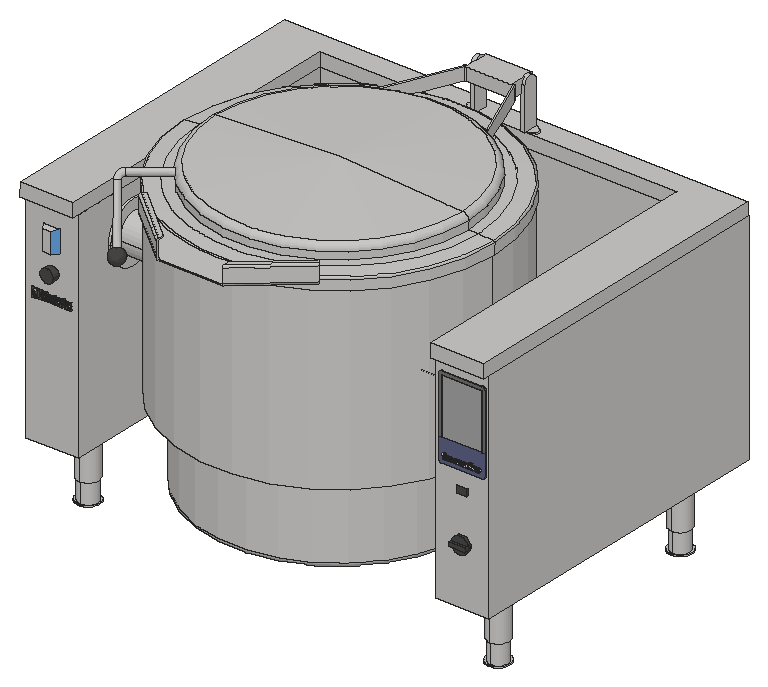
Revit family "QF_ELECTROLUXPROFESSIONAL_587162_PBOT20RDIO", category Attrezzature speciali, Revit 2020 (continued)
Definition of nested family "QF_ELECTROLUXPROFESSIONAL_PBOT1000_LEFT"
  Automatic sketch dimensions
    Extrusion 5 sketch curve to Extrusion 5 sketch curve = 2.918 mm
    Extrusion 5 sketch curve to Extrusion 5 sketch curve = 2.789 mm
    Extrusion 5 sketch curve to plane 9 "TOP" = 306.37 mm  (x2)
    Extrusion 5 sketch curve to Extrusion 5 sketch curve = 0.908 mm  (x2)
    Extrusion 5 sketch curve to plane 9 "TOP" = 306.755 mm  (x2)
    Extrusion 5 sketch curve to Extrusion 5 sketch curve = 0.826 mm  (x2)
    Extrusion 5 sketch curve to Extrusion 5 sketch curve = 0.126 mm  (x3)
    Extrusion 5 sketch curve to Extrusion 5 sketch curve = 2.333 mm
    Extrusion 5 sketch curve to Extrusion 5 sketch curve = 1.257 mm  (x2)
    Extrusion 5 sketch curve to Extrusion 5 sketch curve = 2.771 mm
    Extrusion 5 sketch curve to Extrusion 5 sketch curve = 1.497 mm
    Extrusion 5 sketch curve to Extrusion 5 sketch curve = 1.979 mm
    Extrusion 5 sketch curve to Extrusion 5 sketch curve = 1.653 mm
    Extrusion 5 sketch curve to Extrusion 5 sketch curve = 0.085 mm
    Extrusion 5 sketch curve to Extrusion 5 sketch curve = 0.315 mm
    Extrusion 5 sketch curve to Extrusion 5 sketch curve = 3.811 mm
    Extrusion 5 sketch curve to Extrusion 5 sketch curve = 2.136 mm  (x2)
    Extrusion 5 sketch curve to Extrusion 5 sketch curve = 2.352 mm  (x2)
    Extrusion 5 sketch curve to plane 9 "TOP" = 289.122 mm
    Extrusion 5 sketch curve to Extrusion 5 sketch curve = 3.797 mm
    Extrusion 5 sketch curve to plane 9 "TOP" = 296.104 mm
    Extrusion 5 sketch curve to Extrusion 5 sketch curve = 1.528 mm
    Extrusion 5 sketch curve to plane 9 "TOP" = 290.598 mm
    Extrusion 5 sketch curve to Extrusion 5 sketch curve = 1.476 mm
    Extrusion 5 sketch curve to plane 9 "TOP" = 294.635 mm
    Extrusion 5 sketch curve to Extrusion 5 sketch curve = 1.469 mm
    Extrusion 5 sketch curve to Extrusion 5 sketch curve = 3.728 mm
    Extrusion 5 sketch curve to Extrusion 5 sketch curve = 0.046 mm
    Extrusion 5 sketch curve to Extrusion 5 sketch curve = 0.177 mm
    Extrusion 5 sketch curve to Extrusion 5 sketch curve = 0.947 mm
    Extrusion 5 sketch curve to Extrusion 5 sketch curve = 0.308 mm
    Extrusion 5 sketch curve to Extrusion 5 sketch curve = 0.091 mm
    Extrusion 5 sketch curve to Extrusion 5 sketch curve = 2.375 mm
    Extrusion 5 sketch curve to Extrusion 5 sketch curve = 0.94 mm
    Extrusion 5 sketch curve to Extrusion 5 sketch curve = 0.54 mm
    Extrusion 5 sketch curve to Extrusion 5 sketch curve = 0.102 mm
    Extrusion 5 sketch curve to Extrusion 5 sketch curve = 0.002 mm  (x4)
    Extrusion 5 sketch curve to Extrusion 5 sketch curve = 0.105 mm
    Extrusion 5 sketch curve to Extrusion 5 sketch curve = 0.097 mm
    Extrusion 5 sketch curve to Extrusion 5 sketch curve = 3.982 mm
    Extrusion 5 sketch curve to Extrusion 5 sketch curve = 0.17 mm
    Extrusion 5 sketch curve to Extrusion 5 sketch curve = 6.49 mm
    Extrusion 5 sketch curve to Extrusion 5 sketch curve = 1.777 mm
    Extrusion 5 sketch curve to plane 9 "TOP" = 296.072 mm
    Extrusion 5 sketch curve to Extrusion 5 sketch curve = 0.63 mm
    Extrusion 5 sketch curve to Extrusion 5 sketch curve = 1.001 mm
    Extrusion 5 sketch curve to plane 9 "TOP" = 294.678 mm
    Extrusion 5 sketch curve to Extrusion 5 sketch curve = 1.393 mm
    Extrusion 5 sketch curve to Extrusion 5 sketch curve = 2.363 mm
    Extrusion 5 sketch curve to Extrusion 5 sketch curve = 2.253 mm
    Extrusion 5 sketch curve to Extrusion 5 sketch curve = 0.014 mm  (x4)
    Extrusion 5 sketch curve to Extrusion 5 sketch curve = 0.172 mm
    Extrusion 5 sketch curve to Extrusion 5 sketch curve = 0.096 mm
    Extrusion 5 sketch curve to Extrusion 5 sketch curve = 0.164 mm
    Extrusion 5 sketch curve to Extrusion 5 sketch curve = 0.298 mm
    Extrusion 5 sketch curve to Extrusion 5 sketch curve = 0.247 mm
    Extrusion 5 sketch curve to Extrusion 5 sketch curve = 0.084 mm
    Extrusion 5 sketch curve to Extrusion 5 sketch curve = 6.484 mm
    Extrusion 5 sketch curve to Extrusion 5 sketch curve = 2.596 mm
    Extrusion 5 sketch curve to Extrusion 5 sketch curve = 0.059 mm  (x2)
    Extrusion 5 sketch curve to Extrusion 5 sketch curve = 3.889 mm
    Extrusion 5 sketch curve to plane 9 "TOP" = 307.979 mm
    Extrusion 5 sketch curve to Extrusion 5 sketch curve = 6.029 mm
    Extrusion 5 sketch curve to plane 9 "TOP" = 305.988 mm
    Extrusion 5 sketch curve to Extrusion 5 sketch curve = 0.929 mm
    Extrusion 5 sketch curve to Extrusion 5 sketch curve = 1.102 mm
    Extrusion 5 sketch curve to Extrusion 5 sketch curve = 0.756 mm  (x2)
    Extrusion 5 sketch curve to plane 9 "TOP" = 306.353 mm
    Extrusion 5 sketch curve to Extrusion 5 sketch curve = 0.852 mm
    Extrusion 5 sketch curve to Extrusion 5 sketch curve = 0.108 mm
    Extrusion 5 sketch curve to Extrusion 5 sketch curve = 0.101 mm
    Extrusion 5 sketch curve to Extrusion 5 sketch curve = 0.072 mm
    Extrusion 5 sketch curve to Extrusion 5 sketch curve = 1.67 mm
    Extrusion 5 sketch curve to Extrusion 5 sketch curve = 1.834 mm
    Extrusion 5 sketch curve to Extrusion 5 sketch curve = 0.366 mm
    Extrusion 5 sketch curve to Extrusion 5 sketch curve = 0.993 mm
    Extrusion 5 sketch curve to Extrusion 5 sketch curve = 0.81 mm
    Extrusion 5 sketch curve to Extrusion 5 sketch curve = 1.026 mm  (x2)
    Extrusion 5 sketch curve to Extrusion 5 sketch curve = 4.272 mm
    Extrusion 5 sketch curve to Extrusion 5 sketch curve = 0.163 mm
    Extrusion 5 sketch curve to Extrusion 5 sketch curve = 0.551 mm
    Extrusion 5 sketch curve to Extrusion 5 sketch curve = 6.11 mm
    Extrusion 5 sketch curve to Extrusion 5 sketch curve = 1.451 mm
    Extrusion 5 sketch curve to Extrusion 5 sketch curve = 5.217 mm
    Extrusion 5 sketch curve to Extrusion 5 sketch curve = 0.045 mm  (x2)
    Extrusion 5 sketch curve to Extrusion 5 sketch curve = 0.241 mm
    Extrusion 5 sketch curve to Extrusion 5 sketch curve = 0.039 mm
    Extrusion 5 sketch curve to Extrusion 5 sketch curve = 1.134 mm
    Extrusion 5 sketch curve to Extrusion 5 sketch curve = 2.351 mm
    Extrusion 5 sketch curve to Extrusion 5 sketch curve = 3.993 mm
    Extrusion 5 sketch curve to Extrusion 5 sketch curve = 10.128 mm
    Extrusion 5 sketch curve to Extrusion 5 sketch curve = 0.956 mm
    Extrusion 5 sketch curve to Extrusion 5 sketch curve = 1.263 mm
    Extrusion 5 sketch curve to Extrusion 5 sketch curve = 2.577 mm
    Extrusion 5 sketch curve to Extrusion 5 sketch curve = 0.243 mm
    Extrusion 5 sketch curve to Extrusion 5 sketch curve = 0.031 mm
    Extrusion 5 sketch curve to Extrusion 5 sketch curve = 7.148 mm
    Extrusion 5 sketch curve to Extrusion 5 sketch curve = 1.502 mm
    Extrusion 5 sketch curve to Extrusion 5 sketch curve = 11.54 mm
    Extrusion 5 sketch curve to Extrusion 5 sketch curve = 11.758 mm
    Extrusion 5 sketch curve to Extrusion 5 sketch curve = 4.097 mm
    Extrusion 5 sketch curve to Extrusion 5 sketch curve = 0.011 mm
    Extrusion 5 sketch curve to Extrusion 5 sketch curve = 4.488 mm
    Extrusion 5 sketch curve to Extrusion 5 sketch curve = 11.908 mm
    Extrusion 5 sketch curve to Extrusion 5 sketch curve = 2.236 mm
    Extrusion 5 sketch curve to Extrusion 5 sketch curve = 0.22 mm
    Extrusion 5 sketch curve to Extrusion 5 sketch curve = 0.319 mm
    Extrusion 5 sketch curve to Extrusion 5 sketch curve = 1.192 mm
    Extrusion 5 sketch curve to Extrusion 5 sketch curve = 3.577 mm  (x2)
    Extrusion 5 sketch curve to Extrusion 5 sketch curve = 3.444 mm  (x2)
    Extrusion 5 sketch curve to Extrusion 5 sketch curve = 1.626 mm  (x2)
    Extrusion 5 sketch curve to Extrusion 5 sketch curve = 2.021 mm
    Extrusion 5 sketch curve to Extrusion 5 sketch curve = 2.967 mm
    Extrusion 5 sketch curve to Extrusion 5 sketch curve = 1.22 mm
    Extrusion 5 sketch curve to Extrusion 5 sketch curve = 3.412 mm
    Extrusion 5 sketch curve to Extrusion 5 sketch curve = 0.892 mm  (x3)
    Extrusion 5 sketch curve to Extrusion 5 sketch curve = 0.58 mm  (x2)
    Extrusion 5 sketch curve to Extrusion 5 sketch curve = 2.117 mm
    Extrusion 5 sketch curve to Extrusion 5 sketch curve = 0.295 mm  (x2)
    Extrusion 5 sketch curve to Extrusion 5 sketch curve = 0.618 mm
    Extrusion 5 sketch curve to Extrusion 5 sketch curve = 1.65 mm
    Extrusion 5 sketch curve to Extrusion 5 sketch curve = 1.662 mm
    Extrusion 5 sketch curve to Extrusion 5 sketch curve = 0.013 mm  (x2)
    Extrusion 5 sketch curve to Extrusion 5 sketch curve = 0.292 mm
    Extrusion 5 sketch curve to Extrusion 5 sketch curve = 0.107 mm  (x2)
    Extrusion 5 sketch curve to Extrusion 5 sketch curve = 0.068 mm  (x2)
    Extrusion 5 sketch curve to Extrusion 5 sketch curve = 2.361 mm
    Extrusion 5 sketch curve to Extrusion 5 sketch curve = 2.359 mm
    Extrusion 5 sketch curve to Extrusion 5 sketch curve = 0.531 mm  (x2)
    Extrusion 5 sketch curve to Extrusion 5 sketch curve = 0.928 mm  (x2)
    Extrusion 5 sketch curve to Extrusion 5 sketch curve = 1.058 mm
    Extrusion 5 sketch curve to Extrusion 5 sketch curve = 0.297 mm  (x2)
    Extrusion 5 sketch curve to Extrusion 5 sketch curve = 0.155 mm  (x2)
    Extrusion 5 sketch curve to Extrusion 5 sketch curve = 0.182 mm  (x2)
    Extrusion 5 sketch curve to Extrusion 5 sketch curve = 0.607 mm  (x2)
    Extrusion 5 sketch curve to Extrusion 5 sketch curve = 0.372 mm  (x2)
    Extrusion 5 sketch curve to Extrusion 5 sketch curve = 0.016 mm  (x2)
    Extrusion 5 sketch curve to Extrusion 5 sketch curve = 0.996 mm
    Extrusion 5 sketch curve to Extrusion 5 sketch curve = 0.93 mm
    Extrusion 5 sketch curve to Extrusion 5 sketch curve = 0.709 mm  (x2)
    Extrusion 5 sketch curve to Extrusion 5 sketch curve = 1.017 mm
    Extrusion 5 sketch curve to Extrusion 5 sketch curve = 4.718 mm
    Extrusion 5 sketch curve to Extrusion 5 sketch curve = 0.891 mm
    Extrusion 5 sketch curve to Extrusion 5 sketch curve = 3.826 mm
    Extrusion 5 sketch curve to Extrusion 5 sketch curve = 0.954 mm
    Extrusion 5 sketch curve to Extrusion 5 sketch curve = 5.576 mm
    Extrusion 5 sketch curve to Extrusion 5 sketch curve = 5.661 mm  (x2)
    Extrusion 5 sketch curve to Extrusion 5 sketch curve = 0.006 mm
    Extrusion 5 sketch curve to Extrusion 5 sketch curve = 2.203 mm
    Extrusion 5 sketch curve to Extrusion 5 sketch curve = 2.21 mm
    Extrusion 5 sketch curve to Extrusion 5 sketch curve = 1.607 mm
    Extrusion 5 sketch curve to Extrusion 5 sketch curve = 3.92 mm
    Extrusion 5 sketch curve to Extrusion 5 sketch curve = 0.05 mm
    Extrusion 5 sketch curve to Extrusion 5 sketch curve = 1.776 mm
    Extrusion 5 sketch curve to Extrusion 5 sketch curve = 4.017 mm
    Extrusion 5 sketch curve to Extrusion 5 sketch curve = 0.196 mm  (x2)
    Extrusion 5 sketch curve to Extrusion 5 sketch curve = 0.19 mm
    Extrusion 5 sketch curve to Extrusion 5 sketch curve = 1.312 mm
    Extrusion 5 sketch curve to Extrusion 5 sketch curve = 0.146 mm
    Extrusion 5 sketch curve to Extrusion 5 sketch curve = 2.831 mm
    Extrusion 5 sketch curve to Extrusion 5 sketch curve = 0.387 mm
    Extrusion 5 sketch curve to Extrusion 5 sketch curve = 0.174 mm
    Extrusion 5 sketch curve to Extrusion 5 sketch curve = 4.623 mm
    Extrusion 5 sketch curve to Extrusion 5 sketch curve = 1.754 mm
    Extrusion 5 sketch curve to Extrusion 5 sketch curve = 0.188 mm
    Extrusion 5 sketch curve to Extrusion 5 sketch curve = 0.02 mm
    Extrusion 5 sketch curve to Extrusion 5 sketch curve = 0.313 mm
    Extrusion 5 sketch curve to Extrusion 5 sketch curve = 0.12 mm
    Extrusion 5 sketch curve to Extrusion 5 sketch curve = 0.062 mm
    Extrusion 5 sketch curve to Extrusion 5 sketch curve = 0.568 mm
    Extrusion 5 sketch curve to Extrusion 5 sketch curve = 0.095 mm
    Extrusion 5 sketch curve to Extrusion 5 sketch curve = 0.357 mm
    Extrusion 5 sketch curve to Extrusion 5 sketch curve = 0.008 mm
    Extrusion 5 sketch curve to Extrusion 5 sketch curve = 0.36 mm
    Extrusion 5 sketch curve to Extrusion 5 sketch curve = 3.784 mm
    Extrusion 5 sketch curve to Extrusion 5 sketch curve = 1.654 mm
    Extrusion 5 sketch curve to Extrusion 5 sketch curve = 1.454 mm
    Extrusion 5 sketch curve to Extrusion 5 sketch curve = 3.429 mm
    Extrusion 5 sketch curve to Extrusion 5 sketch curve = 1.094 mm
    Extrusion 5 sketch curve to Extrusion 5 sketch curve = 2.218 mm
    Extrusion 5 sketch curve to Extrusion 5 sketch curve = 1.404 mm
    Extrusion 5 sketch curve to Extrusion 5 sketch curve = 5.959 mm
    Extrusion 5 sketch curve to Extrusion 5 sketch curve = 1.424 mm
    Extrusion 5 sketch curve to Extrusion 5 sketch curve = 3.23 mm
    Extrusion 5 sketch curve to Extrusion 5 sketch curve = 1.975 mm
    Extrusion 5 sketch curve to Extrusion 5 sketch curve = 3.779 mm
    Extrusion 5 sketch curve to Extrusion 5 sketch curve = 2.212 mm
    Extrusion 5 sketch curve to Extrusion 5 sketch curve = 3.78 mm
    Extrusion 5 sketch curve to Extrusion 5 sketch curve = 1.279 mm
    Extrusion 5 sketch curve to Extrusion 5 sketch curve = 1.343 mm  (x2)
    Extrusion 5 sketch curve to Extrusion 5 sketch curve = 1.353 mm  (x2)
    Extrusion 5 sketch curve to Extrusion 5 sketch curve = 0.027 mm  (x2)
    Extrusion 5 sketch curve to Extrusion 5 sketch curve = 0.395 mm  (x2)
    Extrusion 5 sketch curve to Extrusion 5 sketch curve = 0.329 mm  (x2)
    Extrusion 5 sketch curve to Extrusion 5 sketch curve = 0.425 mm  (x2)
    Extrusion 5 sketch curve to Extrusion 5 sketch curve = 0.051 mm  (x2)
    Extrusion 5 sketch curve to Extrusion 5 sketch curve = 0.495 mm  (x2)
    Extrusion 5 sketch curve to Extrusion 5 sketch curve = 0.267 mm  (x2)
    Extrusion 5 sketch curve to Extrusion 5 sketch curve = 1.4 mm
    Extrusion 5 sketch curve to Extrusion 5 sketch curve = 5.233 mm
    Extrusion 5 sketch curve to Extrusion 5 sketch curve = 2.062 mm
    Extrusion 6 sketch curve to plane 12 "HW_CW" = 0.0 mm  (x2)
    Extrusion 6 sketch curve to plane 14 = 0.0 mm
    Extrusion 6 sketch curve to plane 13 = 0.0 mm
    radius of Extrusion 2 sketch curve = 20.0 mm
    radius of Extrusion 3 sketch curve = 6.35 mm  (x2)
    radius of Extrusion 5 sketch curve = 2.453 mm
    radius of Extrusion 5 sketch curve = 1.557 mm
    radius of Extrusion 5 sketch curve = 1.468 mm
    radius of Extrusion 5 sketch curve = 2.451 mm
    radius of Extrusion 6 sketch curve = 5.0 mm  (x2)
Definition of nested family "QF_ELECTROLUXPROFESSIONAL_PBOT1000_RIGHT"
  Parameters
    Width = 160.0 mm
    Right = Width / 2  # 80.0 mm
    Default Elevation = 0.0 mm
    Left = -Width / 2  # -80.0 mm
    Htop = 40.0 mm
    Height = 900.0 mm
    HBase = 200.0 mm
    EI_z = 250.0 mm
    EI_y = 239.0 mm
    Depth = 1000.0 mm
    BorderFront = 20.0 mm
    Body Finish [instance] = none
  Reference planes
    plane 1 "Center (Front/Back)": y = 0
    plane 2: z = 0
    plane 3 "Center (Left/Right)": x = 0
    plane 4 "LEFT": x = -80
    plane 5 "RIGHT": x = 80
    plane 6 "BACK": y = 500
    plane 7 "FRONT": y = -500
    plane 8 "Base": z = 200
    plane 9 "TOP": z = 900
    plane 10 "BorderFront": y = -480
    plane 11: z = 860
    plane 12 "EI": z = 450
    plane 13: y = 261
  Forms (mm)
    Extrusion 1, solid
      sketch origin (0, 0, 0) x (1, 0, 0) y (0, 1, 0)
        loop
          line (-80, 500) -> (-80, -480) -> (80, -480) -> (80, 500) -> (-80, 500)
      from 860 to 200
    Extrusion 2, solid
      sketch origin (0, -480, 0) x (-1, 0, 0) y (0, 0, 1)
        loop
          line (59.714, 823.989) -> (-61.821, 823.989)
          arc (-61.821, 823.989) -> (-68.892, 821.06) -> (-71.821, 813.989) r 10
          line (-71.821, 813.989) -> (-71.821, 644.744) -> (-61.821, 644.744) -> (-61.821, 813.989) -> (59.714, 813.989) -> (59.714, 644.744) -> (69.714, 644.744) -> (69.714, 813.989)
          arc (69.714, 813.989) -> (66.786, 821.06) -> (59.714, 823.989) r 10
      from 0 to -3
    Extrusion 3, solid
      sketch origin (0, -480, 0) x (-1, 0, 0) y (0, 0, 1)
        loop
          circle (0, 375.28) r 25
      from 0 to -10
    Extrusion 4, solid
      sketch origin (0, -480, 0) x (-1, 0, 0) y (0, 0, 1)
        loop
          line (24.382, 380.806) -> (-24.382, 380.806)
          arc (-24.382, 380.806) -> (-25, 375.28) -> (-24.382, 369.753) r 25
          line (-24.382, 369.753) -> (24.382, 369.753)
          arc (24.382, 369.753) -> (25, 375.28) -> (24.382, 380.806) r 25
      from 0 to -20
    Extrusion 5, solid
      sketch origin (0, -480, 0) x (-1, 0, 0) y (0, 0, 1)
        loop
          line (69.714, 585) -> (69.714, 644.744) -> (-71.821, 644.744) -> (-71.821, 585)
          arc (-71.821, 585) -> (-68.892, 577.929) -> (-61.821, 575) r 10
          line (-61.821, 575) -> (59.714, 575)
          arc (59.714, 575) -> (66.786, 577.929) -> (69.714, 585) r 10
      from -3 to 0
    Extrusion 6, solid
      sketch origin (234.714, -480, 0) x (-1, 0, 0) y (0, 0, 1)
        loop
          line (294.429, 813.989) -> (172.894, 813.989) -> (172.894, 644.744) -> (294.429, 644.744) -> (294.429, 813.989)
      from 0 to -3
    Extrusion 7, solid
      sketch origin (0, -480, 0) x (-1, 0, 0) y (0, 0, 1)
        loop
          line (15, 530) -> (-15, 530) -> (-15, 510) -> (15, 510) -> (15, 530)
      from -1.6 to 0
    Extrusion 8, solid
      sketch origin (0, 500, 0) x (-1, 0, 0) y (0, 0, 1)
        loop
          circle (0, 450) r 5
      from 0 to 2
    Extrusion 9, solid
      sketch origin (0, 0, 200) x (0, 1, 0) y (-1, 0, 0)
        loop
          circle (261, 0) r 10
      from 0 to -3
  Lines and regions (mm)
    symbolic lines
      curve 1: line (-80, 500, 0) -> (80, 500, 0)
      curve 2: line (80, 500, 0) -> (80, -480, 0)
  Dimensions and locks
    "Width": plane 4 "LEFT" to plane 5 "RIGHT"
    equal spacing: plane 4 "LEFT", plane 3 "Center (Left/Right)", plane 5 "RIGHT"
    equal spacing: plane 6 "BACK", plane 1 "Center (Front/Back)", plane 7 "FRONT"
    "Depth": plane 6 "BACK" to plane 7 "FRONT"
    "BorderFront": plane 10 "BorderFront" to plane 7 "FRONT"
    "Htop": plane 9 "TOP" to plane 11
    "Height": plane 9 "TOP" to level
    "HBase": plane 8 "Base" to level
    Extrusion 4 sketch curve to Extrusion 4 sketch curve = 11.053 mm
    "EI_y": plane 6 "BACK" to plane 13
    "EI_z": plane 12 "EI" to plane 8 "Base"
    aligned and locked: level to plane 2
    aligned and locked: plane 10 "BorderFront" to Extrusion 1 sketch curve
    aligned and locked: plane 11 to Extrusion 1
    aligned and locked: Extrusion 1 to plane 8 "Base"
    aligned and locked: plane 4 "LEFT" to Extrusion 1 sketch curve
    aligned and locked: Extrusion 1 sketch curve to plane 5 "RIGHT"
    aligned and locked: Extrusion 1 sketch curve to plane 6 "BACK"
  Automatic sketch dimensions
    Extrusion 3 sketch curve to plane 3 "Center (Left/Right)" = 0.0 mm
    plane 8 "Base" to Extrusion 3 sketch curve = 175.28 mm
    Extrusion 4 sketch curve to Extrusion 4 sketch curve = 0.0 mm  (x3)
    Extrusion 4 sketch curve to plane 3 "Center (Left/Right)" = 0.0 mm
    plane 3 "Center (Left/Right)" to Extrusion 4 sketch curve = 24.382 mm
    Extrusion 4 sketch curve to plane 3 "Center (Left/Right)" = 24.382 mm
    plane 8 "Base" to Extrusion 4 sketch curve = 169.753 mm
    Extrusion 2 sketch curve to plane 5 "RIGHT" = 8.179 mm
    Extrusion 2 sketch curve to Extrusion 2 sketch curve = 10.0 mm  (x2)
    Extrusion 2 sketch curve to Extrusion 2 sketch curve = 0.0 mm  (x4)
    plane 4 "LEFT" to Extrusion 2 sketch curve = 20.286 mm
    Extrusion 2 sketch curve to plane 11 = 215.256 mm
    Extrusion 2 sketch curve to plane 11 = 46.011 mm
    Extrusion 5 sketch curve to plane 5 "RIGHT" = 8.179 mm
    plane 4 "LEFT" to Extrusion 5 sketch curve = 20.286 mm
    plane 4 "LEFT" to Extrusion 5 sketch curve = 10.286 mm
    Extrusion 5 sketch curve to plane 11 = 285.0 mm
    Extrusion 5 sketch curve to Extrusion 5 sketch curve = 59.744 mm
    Extrusion 5 sketch curve to Extrusion 5 sketch curve = 10.0 mm
    plane 4 "LEFT" to Extrusion 6 sketch curve = 20.286 mm
    Extrusion 6 sketch curve to plane 11 = 46.011 mm
    Extrusion 6 sketch curve to plane 5 "RIGHT" = 18.179 mm
    Extrusion 6 sketch curve to Extrusion 6 sketch curve = 169.244 mm
    Extrusion 8 sketch curve to plane 3 "Center (Left/Right)" = 0.0 mm
    Extrusion 8 sketch curve to plane 12 "EI" = 0.0 mm
    curve 1 to plane 4 "LEFT" = 0.0 mm
    curve 1 to plane 5 "RIGHT" = 0.0 mm
    curve 2 to plane 10 "BorderFront" = 0.0 mm
    curve 1 to plane 6 "BACK" = 0.0 mm
    plane 3 "Center (Left/Right)" to Extrusion 7 sketch curve = 15.0 mm
    Extrusion 7 sketch curve to plane 3 "Center (Left/Right)" = 15.0 mm
    plane 12 "EI" to Extrusion 7 sketch curve = 60.0 mm
    Extrusion 7 sketch curve to Extrusion 7 sketch curve = 20.0 mm
    Extrusion 9 sketch curve to plane 3 "Center (Left/Right)" = 0.0 mm
    Extrusion 9 sketch curve to plane 13 = 0.0 mm
    radius of Extrusion 3 sketch curve = 25.0 mm
    radius of Extrusion 8 sketch curve = 5.0 mm
    radius of Extrusion 9 sketch curve = 10.0 mm
  Nested families
    nested 1: "ELX_ThermaLine" at (-0.906, -483, 593.675) x (1, 0, 0) z (0, -1, 0), type "ELX_ThermaLine"
      with Show Logo yes, Material_Logo none
  Definition of nested family "ELX_ThermaLine"
    Parameters
      Show Logo [instance] = yes
      Material_Logo [instance] = none
      Default Elevation = 0.0 mm
    Reference planes
      plane 1 "Centro (Fronte/Retro)": y = 0
      plane 2: z = 0
      plane 3 "Centro (Sinistra/Destra)": x = 0
    Forms (mm)
      Extrusion 1, solid
        sketch origin (0, 0, 0) x (1, 0, 0) y (0, 1, 0)
          loop
            line (-1219.2, 1219.2) -> (-1219.2, -1219.2) -> (1219.2, -1219.2) -> (1219.2, 1219.2) -> (-1219.2, 1219.2)
        from 0 to -304.8
      Extrusion 2, solid
        sketch origin (0, 0, 0) x (1, 0, 0) y (0, 1, 0)
          loop
            line (-52.84, 4.345) -> (-50.793, 4.345) -> (-50.793, 6.716) -> (-52.84, 6.716) -> (-52.84, 10.788) -> (-55.901, 9.058) -> (-55.901, 6.716) -> (-57.324, 6.716) -> (-57.324, 4.345) -> (-55.901, 4.345) -> (-55.901, -1.637)
            arc (-55.901, -1.637) -> (-54.76, -4.355) -> (-51.88, -4.985) r 3.198
            line (-51.88, -4.985) -> (-50.444, -4.597) -> (-50.782, -2.189) -> (-51.765, -2.453)
            arc (-51.765, -2.453) -> (-52.506, -2.305) -> (-52.84, -1.628) r 0.854
            line (-52.84, -1.628) -> (-52.84, 4.345)
          loop
            line (-48.642, 11.198) -> (-48.642, -4.787) -> (-45.561, -4.787) -> (-45.561, 2.659)
            arc (-45.561, 2.659) -> (-44.379, 4.372) -> (-42.304, 4.523) r 2.408
            arc (-42.304, 4.523) -> (-41.484, 3.75) -> (-41.182, 2.665) r 2.099
            line (-41.182, 2.665) -> (-41.182, -4.787) -> (-38.117, -4.787) -> (-38.088, 2.166)
            arc (-38.088, 2.166) -> (-38.343, 3.963) -> (-39.021, 5.646) r 7.517
            arc (-39.021, 5.646) -> (-42.369, 6.971) -> (-45.561, 5.303) r 4.327
            line (-45.561, 5.303) -> (-45.561, 11.198) -> (-48.642, 11.198)
          loop
            arc (-28.196, 1.988) -> (-28.834, 3.893) -> (-30.683, 4.679) r 2.449
            arc (-30.683, 4.679) -> (-32.149, 3.674) -> (-32.711, 1.988) r 2.793
            line (-32.711, 1.988) -> (-28.196, 1.988)
          loop
            arc (-25.128, 0.121) -> (-26.074, 4.342) -> (-29.545, 6.923) r 6.212
            arc (-29.545, 6.923) -> (-33.021, 6.358) -> (-35.352, 3.718) r 5.232
            arc (-35.352, 3.718) -> (-35.918, 1.148) -> (-35.633, -1.468) r 8.117
            arc (-35.633, -1.468) -> (-34.524, -3.319) -> (-32.789, -4.603) r 5.523
            arc (-32.789, -4.603) -> (-28.402, -4.744) -> (-25.297, -1.641) r 5.523
            line (-25.297, -1.641) -> (-28.327, -1.106)
            arc (-28.327, -1.106) -> (-29.324, -2.396) -> (-30.951, -2.501) r 1.982
            arc (-30.951, -2.501) -> (-32.276, -1.475) -> (-32.789, 0.121) r 2.835
            line (-32.789, 0.121) -> (-25.128, 0.121)
          loop
            line (-22.733, -4.787) -> (-19.705, -4.787) -> (-19.705, 0)
            arc (-19.705, 0) -> (-19.663, 1.267) -> (-19.469, 2.521) r 10.557
            arc (-19.469, 2.521) -> (-18.189, 4.014) -> (-16.237, 3.761) r 2.069
            line (-16.237, 3.761) -> (-15.318, 6.433)
            arc (-15.318, 6.433) -> (-17.915, 6.783) -> (-19.931, 5.11) r 3.262
            line (-19.931, 5.11) -> (-19.931, 6.752) -> (-22.733, 6.752) -> (-22.733, -4.787)
          loop
            line (-14.233, 6.752) -> (-14.233, -4.787) -> (-11.135, -4.787) -> (-11.135, 1.783)
            arc (-11.135, 1.783) -> (-10.552, 3.635) -> (-8.862, 4.59) r 2.646
            arc (-8.862, 4.59) -> (-7.677, 3.931) -> (-7.234, 2.65) r 1.899
            line (-7.234, 2.65) -> (-7.234, -4.787) -> (-4.155, -4.787) -> (-4.155, 1.467)
            arc (-4.155, 1.467) -> (-3.845, 2.923) -> (-2.97, 4.128) r 3.581
            arc (-2.97, 4.128) -> (-1.581, 4.474) -> (-0.516, 3.516) r 1.525
            arc (-0.516, 3.516) -> (-0.324, 2.735) -> (-0.304, 1.931) r 3.735
            line (-0.304, 1.931) -> (-0.304, -4.787) -> (2.776, -4.787) -> (2.776, 3.096)
            arc (2.776, 3.096) -> (1.833, 5.68) -> (-0.612, 6.942) r 3.784
            arc (-0.612, 6.942) -> (-2.795, 6.596) -> (-4.513, 5.205) r 4.271
            arc (-4.513, 5.205) -> (-5.893, 6.457) -> (-7.686, 6.964) r 4.079
            arc (-7.686, 6.964) -> (-9.75, 6.555) -> (-11.39, 5.237) r 4.412
            line (-11.39, 5.237) -> (-11.39, 6.752) -> (-14.233, 6.752)
          loop
            line (5.334, 3.712) -> (8.069, 3.23)
            arc (8.069, 3.23) -> (10.312, 4.685) -> (12.137, 2.73) r 2.082
            line (12.137, 2.73) -> (8.171, 1.741)
            arc (8.171, 1.741) -> (6.593, 1.022) -> (5.378, -0.215) r 4.758
            arc (5.378, -0.215) -> (5.225, -1.991) -> (5.744, -3.697) r 4.711
            arc (5.744, -3.697) -> (7.301, -4.682) -> (9.118, -4.992) r 4.691
            arc (9.118, -4.992) -> (10.903, -4.593) -> (12.411, -3.558) r 4.818
            line (12.411, -3.558) -> (12.81, -4.787) -> (15.873, -4.787) -> (15.179, -2.652) -> (15.179, 3.25)
            arc (15.179, 3.25) -> (14.773, 5.146) -> (13.38, 6.496) r 3.336
            arc (13.38, 6.496) -> (10.765, 7.201) -> (8.091, 6.773) r 6.459
            arc (8.091, 6.773) -> (6.348, 5.57) -> (5.334, 3.712) r 4.569
          loop
            line (21.001, -4.787) -> (24.24, -4.787) -> (27.623, 11.127) -> (24.384, 11.127) -> (21.001, -4.787)
          loop
            line (27.273, -4.787) -> (30.332, -4.787) -> (32.777, 6.716) -> (29.718, 6.716) -> (27.273, -4.787)
          loop
            line (30.656, 11.127) -> (30.058, 8.314) -> (33.117, 8.314) -> (33.715, 11.127) -> (30.656, 11.127)
          loop
            line (33.431, -4.787) -> (36.649, -4.787) -> (38.261, 2.796)
            arc (38.261, 2.796) -> (39.644, 4.445) -> (41.791, 4.594) r 2.751
            arc (41.791, 4.594) -> (42.425, 3.729) -> (42.502, 2.659) r 1.936
            line (42.502, 2.659) -> (40.919, -4.787) -> (43.989, -4.787) -> (45.795, 3.712)
            arc (45.795, 3.712) -> (45.588, 5.458) -> (44.361, 6.716) r 2.734
            arc (44.361, 6.716) -> (41.222, 6.857) -> (38.516, 5.259) r 5.512
            line (38.516, 5.259) -> (38.826, 6.716) -> (35.876, 6.716) -> (33.431, -4.787)
          loop
            line (50.773, 1.934) -> (55.672, 1.934)
            arc (55.672, 1.934) -> (55.737, 2.919) -> (55.334, 3.821) r 2.051
            arc (55.334, 3.821) -> (53.773, 4.722) -> (52.024, 4.287) r 2.407
            arc (52.024, 4.287) -> (51.223, 3.203) -> (50.773, 1.934) r 4.566
          loop
            line (50.479, 0) -> (58.259, 0)
            arc (58.259, 0) -> (58.241, 3.53) -> (56.181, 6.396) r 5.8
            arc (56.181, 6.396) -> (52.577, 6.992) -> (49.395, 5.199) r 5.498
            arc (49.395, 5.199) -> (47.819, 2.372) -> (47.536, -0.853) r 7.747
            arc (47.536, -0.853) -> (48.406, -3.006) -> (50.236, -4.437) r 4.494
            arc (50.236, -4.437) -> (52.672, -4.934) -> (55.109, -4.437) r 6.224
            arc (55.109, -4.437) -> (56.76, -3.346) -> (57.916, -1.739) r 5.478
            line (57.916, -1.739) -> (55.129, -1.247)
            arc (55.129, -1.247) -> (53.897, -2.495) -> (52.149, -2.637) r 2.52
            arc (52.149, -2.637) -> (50.809, -1.638) -> (50.479, 0) r 2.336
          loop
            line (12.154, 0.755) -> (8.732, -0.098)
            arc (8.732, -0.098) -> (8.126, -1.288) -> (8.732, -2.478) r 1.471
            arc (8.732, -2.478) -> (10.437, -2.725) -> (11.827, -1.706) r 2.276
            arc (11.827, -1.706) -> (12.142, -0.496) -> (12.154, 0.755) r 5.123
        from 0 to 1.6
    Dimensions and locks
      aligned and locked: plane 2 to Extrusion 1
      aligned and locked: level to Extrusion 1
Definition of nested family "QF_ELECTROLUXPROFESSIONAL_2FEET_THL_120x1000H200"
  Parameters
    Width = 120.0 mm
    Right = Width / 2  # 60.0 mm
    Default Elevation = 0.0 mm
    Left = -Width / 2  # -60.0 mm
    Height = 200.0 mm
    HBase = Height - 15.0 mm  # 185.0 mm
    Depth = 980.0 mm
  Reference planes
    plane 1 "Center (Front/Back)": y = 0
    plane 2: z = 0
    plane 3 "Center (Left/Right)": x = 0
    plane 4 "LEFT": x = -60
    plane 5 "RIGHT": x = 60
    plane 6 "BACK": y = 490
    plane 7 "FRONT": y = -490
    plane 8 "Base": z = 185
    plane 9 "TOP": z = 200
    plane 10: y = 333
    plane 11: y = -354
    plane 12: y = 416
    plane 13: y = -438
    plane 14: x = -80
  Forms (mm)
    Extrusion 1, solid
      sketch origin (0, 12, 200) x (0, 1, 0) y (-1, 0, 0)
        loop
          line (404, 60) -> (-450, 60) -> (-450, -60) -> (404, -60) -> (404, 60)
      from 0 to -15
    Revolve 2, solid
      sketch origin (0, 0, 0) x (0, 1, 0) y (0, 0, 1)
        loop
          line (333, 0) -> (368, 0) -> (368, 2) -> (361.179, 2) -> (361.179, 63) -> (364.75, 63) -> (364.75, 185) -> (333, 185) -> (333, 0)
        axis (333, 185) -> (333, 0)
      angle from 0 to 360
    Revolve 3, solid
      sketch origin (0, -687, 0) x (0, 1, 0) y (0, 0, 1)
        loop
          line (333, 0) -> (368, 0) -> (368, 2) -> (361.179, 2) -> (361.179, 63) -> (364.75, 63) -> (364.75, 185) -> (333, 185) -> (333, 0)
        axis (333, 185) -> (333, 0)
      angle from 0 to 360
  Dimensions and locks
    "Width": plane 4 "LEFT" to plane 5 "RIGHT"
    equal spacing: plane 4 "LEFT", plane 3 "Center (Left/Right)", plane 5 "RIGHT"
    equal spacing: plane 6 "BACK", plane 1 "Center (Front/Back)", plane 7 "FRONT"
    "Depth": plane 6 "BACK" to plane 7 "FRONT"
    "HBase": plane 8 "Base" to level
    "Height": plane 9 "TOP" to level
    locked: plane 6 "BACK" to plane 10 at 157
    locked: plane 10 to plane 11 at 687
    plane 14 to plane 3 "Center (Left/Right)" = 80.0 mm
    plane 6 "BACK" to plane 12 = 74.0 mm
    plane 13 to plane 7 "FRONT" = 52.0 mm
    aligned and locked: level to plane 2
    aligned and locked: Extrusion 1 sketch curve to plane 5 "RIGHT"
    aligned and locked: plane 4 "LEFT" to Extrusion 1 sketch curve
    aligned and locked: Extrusion 1 to plane 8 "Base"
    aligned and locked: Extrusion 1 to plane 13
  Automatic sketch dimensions
    plane 13 to Extrusion 1 sketch curve = 0.0 mm
    Extrusion 1 sketch curve to plane 6 "BACK" = 74.0 mm
    Revolve 2 sketch curve to level = 0.0 mm
    Revolve 2 sketch curve to plane 10 = 0.0 mm  (x2)
    Revolve 2 sketch curve to plane 8 "Base" = 0.0 mm
    plane 10 to Revolve 2 sketch curve = 28.179 mm
    Revolve 2 sketch curve to Revolve 2 sketch curve = 31.75 mm
    Revolve 2 sketch curve to Revolve 2 sketch curve = 6.821 mm
    level to Revolve 2 sketch curve = 2.0 mm
    Revolve 2 sketch curve to Revolve 2 sketch curve = 61.0 mm
    Revolve 2 sketch curve to level = 50.0 mm
    plane 9 "TOP" to Revolve 2 sketch curve = 70.0 mm
    Revolve 3 sketch curve to level = 0.0 mm
    Revolve 3 sketch curve to plane 11 = 0.0 mm  (x2)
    Revolve 3 sketch curve to plane 8 "Base" = 0.0 mm
    plane 11 to Revolve 3 sketch curve = 28.179 mm
    Revolve 3 sketch curve to Revolve 3 sketch curve = 31.75 mm
    Revolve 3 sketch curve to Revolve 3 sketch curve = 6.821 mm
    level to Revolve 3 sketch curve = 2.0 mm
    Revolve 3 sketch curve to Revolve 3 sketch curve = 61.0 mm
    Revolve 3 sketch curve to level = 50.0 mm
    plane 9 "TOP" to Revolve 3 sketch curve = 70.0 mm
Definition of nested family "QF_ELECTROLUXPROFESSIONAL_PBOT1000_LEVEL1"
  Parameters
    Default Elevation = 0.0 mm
    Assembly Code = ""
  Reference planes
    plane 1 "Center (Front/Back)": y = 0
    plane 2: z = 0
    plane 3 "Center (Left/Right)": x = 0
  Forms (mm)
    Sweep 1, solid
      path origin (0, 0, 0) x (1, 0, 0) y (0, 0.5, 0.866025)
        loop
          line (60, 0) -> (-80, 0)
          arc (-80, 0) -> (-94.142, -5.858) -> (-100, -20) r 20
          line (-100, -20) -> (-100, -200)
      profile origin (-10, 0, 0) x (0, -0.5, -0.866025) y (0, -0.866025, 0.5)
        loop
          circle (0, 0) r 9
    Revolve 2, solid
      sketch origin (-20, 0, 0) x (1, 0, 0) y (0, 0.5, 0.866025)
        loop
          arc (-57.5, -200) -> (-80, -177.5) -> (-102.5, -200) r 22.5
          line (-102.5, -200) -> (-57.5, -200)
        axis (-102.5, -200) -> (-57.5, -200)
      angle from 0 to 360
  Lines and regions (mm)
    symbolic lines
      curve 1: line (0, -9, 0) -> (-80, -9, 0)
      curve 2: line (0, 9, 0) -> (-80, 9, 0)
      curve 3: line (-91, -80, 0) -> (-91, -15, 0)
      curve 4: line (-109, -80, 0) -> (-109, -10, 0)
      curve 5: arc (-109, -10, 0) -> (-97.335, 3.827, 0) -> (-80, 9, 0) r 31.632
      curve 6: arc (-91, -15, 0) -> (-86.265, -10.598, 0) -> (-80, -9, 0) r 13.083
      curve 7: spline (-77.953, -100, 0) -> (-78.704, -94.175, 0) -> (-80.907, -88.747, 0) -> (-84.41, -84.087, 0) -> (-88.977, -80.51, 0) -> (-94.294, -78.262, 0) -> (-100, -77.495, 0) -> (-105.706, -78.262, 0) -> (-111.023, -80.51, 0) -> (-115.59, -84.087, 0) -> (-119.093, -88.747, 0) -> (-121.296, -94.175, 0) -> (-122.047, -100, 0) -> (-121.296, -105.825, 0) -> (-119.093, -111.253, 0) -> (-115.59, -115.913, 0) -> (-111.023, -119.49, 0) -> (-105.706, -121.738, 0) -> (-100, -122.505, 0) -> (-94.294, -121.738, 0) -> (-88.977, -119.49, 0) -> (-84.41, -115.913, 0) -> (-80.907, -111.253, 0) -> (-78.704, -105.825, 0) -> (-77.953, -100, 0)
  Dimensions and locks
    aligned and locked: level to plane 2
